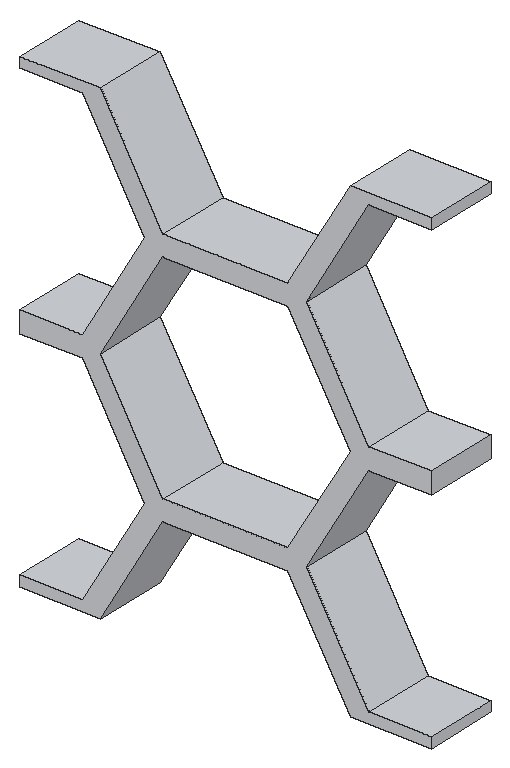
Revit family "Hexágono", category Modelos genéricos, Revit 2019
Family settings
  Pode hospedar o vergalhão = Não
  Cota do conector redondo = Utilizar diâmetro
  Tipo de parte = Normal
  Com base no plano de trabalho = Não
  Sempre na vertical = Sim
  Corte com vazios quando carregada = Não
  Compartilhado = Não
  Ponto de cálculo do ambiente = Não
Parameters
  Largura = 390 mm
  Espessura = 70 mm
  Material = none
  Altura = (4 * cos(30.00°) * Largura) / 3  # 450.333 mm
Reference planes
  plane 1 "Centro (Frente/Trás)": y = 0
  plane 2: z = 0
  plane 3 "Centro (Esquerda/Direita)": x = 0
  plane 4: x = 390
  plane 5: x = 65
  plane 6: x = 195
  plane 7: x = 325
  plane 8: x = 130
  plane 9: x = 260
  plane 10: z = 225.167
  plane 11: z = 450.333
  plane 12: z = 337.75
  plane 13: z = 112.583
  plane 14: y = 35
  plane 15: y = -35
  plane 16: z = 440.333
  plane 17: z = 347.75
  plane 18: z = 327.75
  plane 19: z = 235.167
  plane 20: z = 215.167
  plane 21: z = 122.583
  plane 22: z = 102.583
  plane 23: z = 10
Forms (mm)
  Extrusion 1, solid, material <- "Material"
    sketch origin (0, 0, 0) x (1, 0, 0) y (0, 0, 1)
      loop
        line (0, 450.333) -> (0, 440.333) -> (59.226, 440.333) -> (118.453, 337.75) -> (59.226, 235.167) -> (0, 235.167) -> (0, 215.167) -> (59.226, 215.167) -> (118.453, 112.583) -> (59.226, 10) -> (0, 10) -> (0, 0) -> (76.547, 0) -> (135.774, 102.583) -> (254.226, 102.583) -> (313.453, 0) -> (390, 0) -> (390, 10) -> (330.774, 10) -> (271.547, 112.583) -> (330.774, 215.167) -> (390, 215.167) -> (390, 235.167) -> (330.774, 235.167) -> (271.547, 337.75) -> (330.774, 440.333) -> (390, 440.333) -> (390, 450.333) -> (313.453, 450.333) -> (254.226, 347.75) -> (135.774, 347.75) -> (76.547, 450.333) -> (0, 450.333)
      loop
        line (135.774, 327.75) -> (76.547, 225.167) -> (135.774, 122.583) -> (254.226, 122.583) -> (313.453, 225.167) -> (254.226, 327.75) -> (135.774, 327.75)
    from -35 to 35
Lines and regions (mm)
  model lines, style "InvisibleLines"
    curve 1: line (260, 0, 337.75) -> (325, 0, 225.167)
    curve 2: line (325, 0, 225.167) -> (260, 0, 112.583)
    curve 3: line (130, 0, 112.583) -> (65, 0, 225.167)
    curve 4: line (65, 0, 225.167) -> (130, 0, 337.75)
    curve 5: line (130, 0, 112.583) -> (65, 0, 0)
    curve 6: line (260, 0, 112.583) -> (325, 0, 0)
    curve 7: line (260, 0, 337.75) -> (325, 0, 450.333)
    curve 8: line (130, 0, 337.75) -> (65, 0, 450.333)
Dimensions and locks
  "Largura": plane 4 to plane 3 "Centro (Esquerda/Direita)"
  equal spacing: plane 11, plane 10, plane 2
  equal spacing: plane 11, plane 12, plane 10
  equal spacing: plane 10, plane 13, plane 2
  "Altura": plane 11 to plane 2
  equal spacing: plane 8, plane 5, plane 3 "Centro (Esquerda/Direita)"
  equal spacing: plane 4, plane 7, plane 9
  equal spacing: plane 9, plane 6, plane 8
  equal spacing: plane 6, plane 8, plane 5
  equal spacing: plane 14, plane 1 "Centro (Frente/Trás)", plane 15
  "Espessura": plane 14 to plane 15
  locked: plane 16 to plane 11 at 10
  locked: plane 12 to plane 17 at 10
  locked: plane 18 to plane 12 at 10
  locked: plane 10 to plane 19 at 10
  locked: plane 20 to plane 10 at 10
  locked: plane 13 to plane 21 at 10
  locked: plane 22 to plane 13 at 10
  locked: plane 2 to plane 23 at 10
  locked: Extrusion 1 sketch curve to curve 7 at 10
  locked: curve 7 to Extrusion 1 sketch curve at 10
  locked: Extrusion 1 sketch curve to curve 1 at 10
  locked: curve 1 to Extrusion 1 sketch curve at 10
  locked: curve 2 to Extrusion 1 sketch curve at 10
  locked: Extrusion 1 sketch curve to curve 2 at 10
  locked: Extrusion 1 sketch curve to curve 6 at 10
  locked: curve 6 to Extrusion 1 sketch curve at 10
  locked: Extrusion 1 sketch curve to curve 8 at 10  (x2)
  locked: curve 4 to Extrusion 1 sketch curve at 10  (x2)
  locked: Extrusion 1 sketch curve to curve 3 at 10  (x2)
  locked: curve 5 to Extrusion 1 sketch curve at 10
  locked: Extrusion 1 sketch curve to curve 5 at 10
  equal spacing: plane 4, plane 6, plane 3 "Centro (Esquerda/Direita)"
  aligned and locked: level to plane 2
  aligned and locked: plane 14 to Extrusion 1
  aligned and locked: plane 15 to Extrusion 1
  aligned and locked: plane 11 to Extrusion 1 sketch curve  (x2)
  aligned and locked: plane 16 to Extrusion 1 sketch curve  (x2)
  aligned and locked: plane 17 to Extrusion 1 sketch curve
  aligned and locked: Extrusion 1 sketch curve to plane 18
  aligned and locked: plane 19 to Extrusion 1 sketch curve
  aligned and locked: Extrusion 1 sketch curve to plane 19
  aligned and locked: Extrusion 1 sketch curve to plane 20
  aligned and locked: plane 20 to Extrusion 1 sketch curve
  aligned and locked: Extrusion 1 sketch curve to plane 21
  aligned and locked: plane 22 to Extrusion 1 sketch curve
  aligned and locked: plane 23 to Extrusion 1 sketch curve
  aligned and locked: Extrusion 1 sketch curve to plane 23
  aligned and locked: plane 2 to Extrusion 1 sketch curve
  aligned and locked: Extrusion 1 sketch curve to plane 2
  aligned and locked: plane 4 to Extrusion 1 sketch curve  (x3)
  aligned and locked: plane 3 "Centro (Esquerda/Direita)" to Extrusion 1 sketch curve  (x2)
  aligned and locked: Extrusion 1 sketch curve to plane 3 "Centro (Esquerda/Direita)"
  aligned and locked: plane 7 to curve 6
  aligned and locked: plane 2 to curve 6
  aligned and locked: plane 5 to curve 5
  aligned and locked: plane 2 to curve 5
  aligned and locked: plane 13 to curve 5
  aligned and locked: plane 13 to curve 6
  aligned and locked: plane 9 to curve 6
  aligned and locked: plane 8 to curve 3
  aligned and locked: plane 7 to curve 2
  aligned and locked: plane 10 to curve 2
  aligned and locked: plane 10 to curve 4
  aligned and locked: plane 5 to curve 3
  aligned and locked: plane 12 to curve 4
  aligned and locked: plane 12 to curve 1
  aligned and locked: plane 8 to curve 8
  aligned and locked: plane 5 to curve 8
  aligned and locked: plane 11 to curve 8
  aligned and locked: plane 7 to curve 7
  aligned and locked: plane 9 to curve 7
  aligned and locked: plane 11 to curve 7
